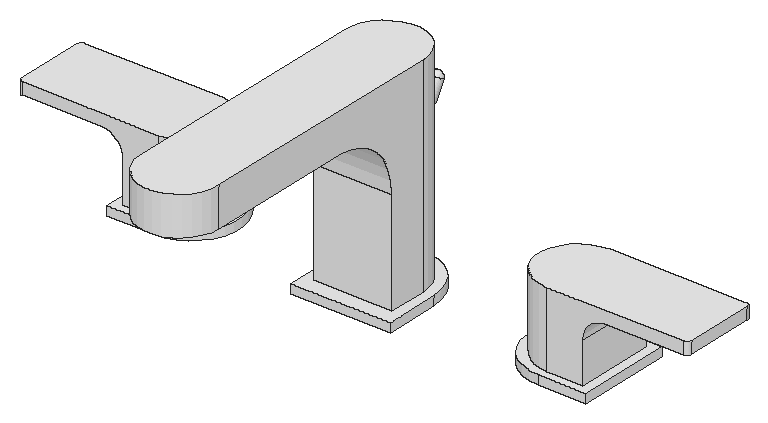
Revit family "xFaucet-Lavatory-DXV-Lyndon-D35109800_Series", category Plumbing Fixtures, Revit 2014
Parameters (values of type "D35109800.100")
  Width = 13 15/16"  # constant formula
  Waste Connection = yes
  Warranty Documentation Link = "https://www.dxv.com/-/media/files/dxv/warranty/dxv_warranty_booklet.ashx"
  WFU = 2  # constant formula
  Vent Connection = no
  URL = "http://www.dxv.com/"
  Revised Date = "02/06/2018"  # constant formula
  Product Page URL = "http://www.dxv.com/Product/lyndon-monoblock-bathroom-faucet"
  Product Documentation Link = "https://dxv01.blob.core.windows.net/dxv-product-pdf-files/spec_D351091_DXV_Lyndon_mono_vessel_EN.pdf"
  Price = "Prices may vary. Please consult Manufacturer Representative for most up-to-date price list."  # constant formula
  Model = "D35109800.100"
  Material = "Cast Brass-DXV-100-Polished Chrome"
  Manufacturer = "DXV"  # constant formula
  Length = 6 15/16"  # constant formula
  Installation Type = "Deck Mounted"  # constant formula
  Hot Water Connection Diameter = 3/8"  # constant formula
  Height = 4 1/2"  # constant formula
  HWFU = 1.5  # constant formula
  HW Connection = yes
  Flow Rate = "1.2 gpm (4.5 L/min)"  # constant formula
  Finish = Cast Brass-DXV-100-Polished Chrome
  Description = "Lyndon Widespread Lavatory Faucet"  # constant formula
  Default Elevation = 0"
  Creation Date = "25/02/2014"  # constant formula
  Cold Water Connection Diameter = 3/8"  # constant formula
  CWFU = 1.5  # constant formula
  CW Connection = yes
  Assembly Code = "D2020300"
Types (5): name | Model | Material | Finish
  (no name) | "D35109800.100" | "Cast Brass-DXV-100-Polished Chrome" | Cast Brass-DXV-100-Polished Chrome
  D35109800.100 | "D35109800.100" | "Cast Brass-DXV-100-Polished Chrome" | Cast Brass-DXV-100-Polished Chrome
  D35109800.144 | "D35109800.144" | "Cast Brass-DXV-144-Brushed Nickel" | Cast Brass-DXV-144-Brushed Nickel
  D35109800.150 | "D35109800.150" | "Cast Brass-DXV-150-Platinum Nickel" | Cast Brass-DXV-150-Platinum Nickel
  D35109800.243 | "D35109800.243" | "Cast Brass-DXV-243-Matte Black" | Cast Brass-DXV-243-Matte Black
Reference planes (in)
  plane 1 "Center (Front/Back)": y = 0
  plane 2: z = 0
  plane 3 "Center (Left/Right)": x = 0
  plane 4: y = 0.81105
  plane 5: y = -0.81395
  plane 6: z = 3.6875
  plane 7: z = 4.5
  plane 8: x = 0.81105
  plane 9: x = -0.81395
  plane 10: z = 4.5
  plane 11: z = 3.5625
  plane 12: y = -6.12645
  plane 13: y = -5.375
  plane 14: x = 4
  plane 15: x = -4
  plane 16: x = -3.21875
  plane 17: x = -4.78125
  plane 18: x = -4.98437
  plane 19: x = -3.01562
  plane 20: x = 6.96875
  plane 21: x = -6.96875
  plane 22: z = 1.75
  plane 23: y = 0.98437
  plane 24: y = -0.98438
Forms (in)
  Extrusion 1, solid, material "Cast Brass-DXV-100-Polished Chrome" <- "Finish"
    sketch origin (0, 1.02284, 0) x (1, 0, 0) y (0, 1, 0)
      loop
        arc (-0.81395, -6.33753) -> (-0.00145, -7.15003) -> (0.81105, -6.33753) r 0.8125
        line (0.81105, -6.33753) -> (0.81105, -1.02429)
        arc (0.81105, -1.02429) -> (-0.00145, -0.21179) -> (-0.81395, -1.02429) r 0.8125
        line (-0.81395, -1.02429) -> (-0.81395, -6.33753)
    from 0.18685 to 4.5
  Extrusion 2, void
    sketch origin (0, 0.96818, 0) x (0, 1, 0) y (0, 0, 1)
      loop
        line (-7.21179, 3.6875) -> (-7.21179, 0.18685) -> (-1.78213, 0.18685) -> (-1.78213, 2.35211)
        arc (-1.78213, 2.35211) -> (-2.17325, 3.29637) -> (-3.11752, 3.6875) r 1.33539
        line (-3.11752, 3.6875) -> (-7.21179, 3.6875)
    from -0.8758 to 0.87352
  Extrusion 3, solid, material "Cast Brass-DXV-100-Polished Chrome" <- "Finish"
    sketch origin (0, 1.02284, 0) x (1, 0, 0) y (0, 1, 0)
      loop
        line (-1.03125, -2.15625) -> (1.03125, -2.15625) -> (1.03125, -1.02284)
        arc (1.03125, -1.02284) -> (0, 0.00841) -> (-1.03125, -1.02284) r 1.03125
        line (-1.03125, -1.02284) -> (-1.03125, -2.15625)
    from 0 to 0.18685
  Revolve 4, solid, material "Cast Brass-DXV-100-Polished Chrome" <- "Finish"
    sketch origin (0, -0.48296, -3.69191) x (0, 1, 0) y (0, 0, 1)
      loop
        line (1.18637, 5.88851) -> (1.18637, 5.63851) -> (1.6721, 6.6344) -> (1.73662, 6.59885) -> (1.93207, 6.95361)
        arc (1.93207, 6.95361) -> (1.93705, 7.05184) -> (1.86282, 7.11637) r 0.11238
        line (1.86282, 7.11637) -> (1.18637, 5.88851)
      axis (1.86282, 7.11637) -> (1.08071, 5.69672)
    angle from 0 to 360
  Revolve 5, solid, material "Cast Brass-DXV-100-Polished Chrome" <- "Finish"
    sketch origin (0, -0.40038, -0.50683) x (0, 0.994522, -0.104528) y (0, 0.104528, 0.994522)
      loop
        line (-5.37645, 3.6875) -> (-5.70932, 3.6875) -> (-5.70932, 3.58653)
        arc (-5.70932, 3.58653) -> (-5.70228, 3.56954) -> (-5.68528, 3.5625) r 0.02403
        line (-5.68528, 3.5625) -> (-5.37645, 3.5625) -> (-5.37645, 3.6875)
      axis (-5.37645, 3.6875) -> (-5.37645, 3.5625)
    angle from 0 to 360
  Extrusion 6, solid, material "Cast Brass-DXV-100-Polished Chrome" <- "Finish"
    sketch origin (0, 0, 0) x (1, 0, 0) y (0, 1, 0)
      loop
        arc (-6.8737, 0.81105) -> (-6.94091, 0.78321) -> (-6.96875, 0.716) r 0.09505
        line (-6.96875, 0.716) -> (-6.96875, -0.7202)
        arc (-6.96875, -0.7202) -> (-6.94129, -0.78649) -> (-6.875, -0.81395) r 0.09375
        line (-6.875, -0.81395) -> (-4.02938, -0.81395)
        arc (-4.02938, -0.81395) -> (-3.21688, -0.00145) -> (-4.02938, 0.81105) r 0.8125
        line (-4.02938, 0.81105) -> (-6.8737, 0.81105)
      loop
        line (6.8737, 0.81105) -> (4.02938, 0.81105)
        arc (4.02938, 0.81105) -> (3.21688, -0.00145) -> (4.02938, -0.81395) r 0.8125
        line (4.02938, -0.81395) -> (6.875, -0.81395)
        arc (6.875, -0.81395) -> (6.94129, -0.78649) -> (6.96875, -0.7202) r 0.09375
        line (6.96875, -0.7202) -> (6.96875, 0.716)
        arc (6.96875, 0.716) -> (6.94091, 0.78321) -> (6.8737, 0.81105) r 0.09505
    from 0 to 1.75
  Extrusion 7, void
    sketch origin (0, 0, 0) x (1, 0, 0) y (0, 0, 1)
      loop
        line (-4.78125, 0) -> (-4.78125, 1.03818)
        arc (-4.78125, 1.03818) -> (-4.91651, 1.36474) -> (-5.24307, 1.5) r 0.46182
        line (-5.24307, 1.5) -> (-7.40327, 1.5) -> (-7.40327, 0) -> (-4.78125, 0)
      loop
        line (4.78125, 0) -> (7.40327, 0) -> (7.40327, 1.5) -> (5.24307, 1.5)
        arc (5.24307, 1.5) -> (4.91651, 1.36474) -> (4.78125, 1.03818) r 0.46182
        line (4.78125, 1.03818) -> (4.78125, 0)
    from -0.81105 to 0.81395
  Extrusion 8, solid, material "Cast Brass-DXV-100-Polished Chrome" <- "Finish"
    sketch origin (0, 0, 0) x (1, 0, 0) y (0, 1, 0)
      loop
        line (-4.98437, 0.98437) -> (-4.98437, -0.98438) -> (-4.00049, -0.98438)
        arc (-4.00049, -0.98438) -> (-3.01612, 0) -> (-4.00049, 0.98437) r 0.98438
        line (-4.00049, 0.98437) -> (-4.98437, 0.98437)
      loop
        line (4.98438, 0.98437) -> (4.00049, 0.98437)
        arc (4.00049, 0.98437) -> (3.01612, 0) -> (4.00049, -0.98438) r 0.98438
        line (4.00049, -0.98438) -> (4.98438, -0.98438) -> (4.98438, 0.98437)
      loop
        circle (-4.00049, 0) r 0.1875
      loop
        circle (4.00049, 0) r 0.1875
    from 0 to 0.18685
Cuts and joins
  Extrusion 2 cuts Extrusion 1
  Extrusion 2 cuts Extrusion 3
  Extrusion 7 cuts Extrusion 6
  joined: Extrusion 1, Extrusion 3, Revolve 4, Revolve 5, Extrusion 6, Extrusion 8
Lines and regions (in)
  Masking region 1
    outline origin (0, 0, 0) x (1, 0, 0) y (0, 1, 0)
      loop
        arc (1.03125, 0) -> (0.75497, 0.70249) -> (0.07416, 1.02858) r 1.03125
        spline (0.07416, 1.02858) -> (0.08392, 1.03448) -> (0.09306, 1.04109) -> (0.10153, 1.04835) -> (0.10927, 1.05622) -> (0.11621, 1.06464) -> (0.12231, 1.07355) -> (0.12752, 1.08287) -> (0.1318, 1.09255) -> (0.13513, 1.10252) -> (0.13748, 1.1127) -> (0.13883, 1.12301) -> (0.13918, 1.13339)
        line (0.13918, 1.13339) -> (0.13918, 1.34624)
        arc (0.13918, 1.34624) -> (0.00334, 1.45891) -> (-0.13919, 1.35483) r 0.14363
        line (-0.13919, 1.35483) -> (-0.13919, 1.13175)
        spline (-0.13919, 1.13175) -> (-0.1387, 1.12151) -> (-0.13723, 1.11134) -> (-0.13479, 1.10132) -> (-0.13139, 1.09152) -> (-0.12707, 1.08199) -> (-0.12185, 1.07282) -> (-0.11578, 1.06407) -> (-0.10888, 1.05579) -> (-0.10121, 1.04805) -> (-0.09283, 1.04091) -> (-0.08379, 1.0344) -> (-0.07416, 1.02858)
        arc (-0.07416, 1.02858) -> (-0.75497, 0.70249) -> (-1.03125, 0) r 1.03125
        line (-1.03125, 0) -> (-1.03125, -1.13341) -> (-0.81395, -1.13341) -> (-0.81395, -5.31468)
        arc (-0.81395, -5.31468) -> (-0.00145, -6.12718) -> (0.81105, -5.31468) r 0.8125
        line (0.81105, -5.31468) -> (0.81105, -1.13341) -> (1.03125, -1.13341) -> (1.03125, 0)
      loop
        line (-4.00049, 0.98437) -> (-4.98437, 0.98437) -> (-4.98437, 0.81105) -> (-6.8737, 0.81105)
        arc (-6.8737, 0.81105) -> (-6.94091, 0.78321) -> (-6.96875, 0.716) r 0.09505
        line (-6.96875, 0.716) -> (-6.96875, -0.7202)
        arc (-6.96875, -0.7202) -> (-6.94129, -0.78649) -> (-6.875, -0.81395) r 0.09375
        line (-6.875, -0.81395) -> (-4.98437, -0.81395) -> (-4.98437, -0.98438) -> (-4.00049, -0.98438)
        arc (-4.00049, -0.98438) -> (-3.01612, 0) -> (-4.00049, 0.98437) r 0.98438
      loop
        arc (4.00049, 0.98437) -> (3.01612, 0) -> (4.00049, -0.98438) r 0.98438
        line (4.00049, -0.98438) -> (4.98438, -0.98438) -> (4.98438, -0.81395) -> (6.875, -0.81395)
        arc (6.875, -0.81395) -> (6.94129, -0.78649) -> (6.96875, -0.7202) r 0.09375
        line (6.96875, -0.7202) -> (6.96875, 0.716)
        arc (6.96875, 0.716) -> (6.94091, 0.78321) -> (6.8737, 0.81105) r 0.09505
        line (6.8737, 0.81105) -> (4.98438, 0.81105) -> (4.98438, 0.98437) -> (4.00049, 0.98437)
  symbolic lines, style "PlumbingFixtures", detail levels medium+fine
    curve 1: arc (0.81105, -0.00145, 0) -> (-0.00145, 0.81105, 0) -> (-0.81395, -0.00145, 0) r 0.8125
    curve 2: line (-0.81395, -0.00145, 0) -> (-0.81395, -1.13341, 0)
    curve 3: line (-0.68895, -2.81395, 0) -> (0.68605, -2.81395, 0)
    curve 4: arc (-0.81395, -2.68895, 0) -> (-0.77734, -2.77734, 0) -> (-0.68895, -2.81395, 0) r 0.125
    curve 5: arc (0.68605, -2.81395, 0) -> (0.77444, -2.77734, 0) -> (0.81105, -2.68895, 0) r 0.125
    curve 8: line (0.81105, -1.13341, 0) -> (0.81105, -0.00145, 0)
  symbolic lines, style "PlumbingFixtures", detail levels fine
    curve 6: line (0.07593, 1.02957, 0) -> (0.09956, 0.80475, 0)
    curve 7: line (-0.07593, 1.02957, 0) -> (-0.09952, 0.80511, 0)
  symbolic lines, detail levels medium+fine
    curve 9: spline (0.07593, 1.02957, 0) -> (0.06438, 1.02366, 0) -> (0.05223, 1.01874, 0) -> (0.0396, 1.01487, 0) -> (0.02661, 1.01208, 0) -> (0.01336, 1.0104, 0) -> (0, 1.00983, 0) -> (-0.01336, 1.0104, 0) -> (-0.02661, 1.01208, 0) -> (-0.0396, 1.01487, 0) -> (-0.05223, 1.01874, 0) -> (-0.06438, 1.02366, 0) -> (-0.07593, 1.02957, 0)
    curve 11: line (4.98438, 0.81105, 0) -> (4.02938, 0.81105, 0)
    curve 12: line (4.98438, -0.81395, 0) -> (4.02938, -0.81395, 0)
    curve 13: arc (4.02938, -0.81395, 0) -> (3.21688, -0.00145, 0) -> (4.02938, 0.81105, 0) r 0.8125
    curve 14: line (-4.98437, 0.81105, 0) -> (-4.02938, 0.81105, 0)
    curve 15: line (-4.98437, -0.81395, 0) -> (-4.02938, -0.81395, 0)
    curve 16: arc (-4.02938, -0.81395, 0) -> (-3.21688, -0.00145, 0) -> (-4.02938, 0.81105, 0) r 0.8125
  symbolic lines, detail levels fine
    curve 10: arc (0.81105, -0.08737, 0) -> (-0.00145, 0.72513, 0) -> (-0.81395, -0.08737, 0) r 0.8125
Dimensions and locks (in)
  plane 6 to plane 2 = 3 11/16"
  "Height": plane 7 to plane 2
  plane 9 to plane 8 = 1 5/8"
  plane 11 to level = 3 9/16"
  "Length": plane 4 to plane 12
  plane 1 "Center (Front/Back)" to plane 13 = 5 3/8"
  equal spacing: plane 15, plane 3 "Center (Left/Right)", plane 14
  plane 15 to plane 14 = 8"
  equal spacing: plane 21, plane 3 "Center (Left/Right)", plane 20
  "Width": plane 21 to plane 20
  locked: plane 22 to level at 1.75
  radius of Extrusion 8 sketch curve = 3/16"
  aligned and locked: plane 10 to Extrusion 1
  aligned and locked: plane 22 to Extrusion 6
  aligned and locked: plane 4 to Extrusion 7
  aligned and locked: plane 5 to Extrusion 7
Automatic sketch dimensions
  Extrusion 1 sketch curve to plane 9 = 0"
  Extrusion 1 sketch curve to plane 8 = 0"
  plane 1 "Center (Front/Back)" to Extrusion 1 sketch curve = 0.00145"
  Revolve 5 sketch curve to plane 6 = 0.03066"
  plane 13 to Revolve 5 sketch curve = 0.32852"
  Revolve 5 sketch curve to Revolve 5 sketch curve = 0.02403"
  Revolve 5 sketch curve to Revolve 5 sketch curve = 0.30883"
  Revolve 5 sketch curve to Revolve 5 sketch curve = 0.10097"
  Revolve 5 sketch curve to Revolve 5 sketch curve = 0"  (x2)
  Revolve 5 sketch curve to Revolve 5 sketch curve = 1/8"
  Extrusion 1 sketch curve to plane 13 = 0.06032"
  Extrusion 8 sketch curve to Extrusion 8 sketch curve = 0"  (x4)
  Extrusion 8 sketch curve to plane 18 = 0"
  Extrusion 8 sketch curve to plane 23 = 0"  (x2)
  plane 1 "Center (Front/Back)" to Extrusion 8 sketch curve = 0"
  plane 24 to Extrusion 8 sketch curve = 0"
  plane 15 to Extrusion 8 sketch curve = 0.00049"
  plane 14 to Extrusion 8 sketch curve = 0.00049"
  Extrusion 8 sketch curve to Extrusion 8 sketch curve = 0.98388"
  curve 14 to plane 4 = 0"
  curve 14 to plane 18 = 0"
  plane 5 to curve 15 = 0"
  curve 15 to plane 18 = 0"
  curve 4 to plane 9 = 0"
  curve 2 to plane 9 = 0"
  curve 9 to plane 3 "Center (Left/Right)" = 0"
  curve 8 to plane 8 = 0"
  curve 5 to plane 8 = 0"
  plane 5 to curve 13 = 0"
  curve 11 to plane 4 = 0"
  plane 15 to curve 14 = 0.02938"
  curve 3 to plane 9 = 1/8"
  plane 23 to curve 7 = 0.04519"
  curve 7 to plane 3 "Center (Left/Right)" = 0.07593"
  plane 23 to curve 6 = 0.04519"
  curve 5 to curve 5 = 1/8"
  plane 14 to curve 13 = 0.02938"
  plane 24 to curve 4 = 1.70458"
  plane 1 "Center (Front/Back)" to curve 10 = 0.08737"
  plane 1 "Center (Front/Back)" to curve 8 = 0.00145"
  curve 9 to curve 7 = 0.06326"
  curve 7 to plane 4 = 0.00594"
  curve 6 to plane 4 = 0.0063"
  curve 12 to curve 12 = 0.955"
  curve 11 to curve 11 = 0.955"
  plane 24 to curve 2 = 0.14903"
  plane 24 to curve 8 = 0.14903"
  curve 7 to curve 9 = 0.10218"
  Extrusion 2 sketch curve to plane 6 = 0"
  Extrusion 2 sketch curve to plane 5 = 0"
  plane 22 to Extrusion 2 sketch curve = 0.60211"
  plane 12 to Extrusion 2 sketch curve = 0.11717"
  level to Extrusion 2 sketch curve = 0.18685"
  plane 1 "Center (Front/Back)" to Extrusion 3 sketch curve = 0"
  Extrusion 3 sketch curve to plane 3 "Center (Left/Right)" = 0"
  plane 9 to Extrusion 3 sketch curve = 0.2173"
  plane 24 to Extrusion 3 sketch curve = 0.14903"
  Revolve 4 sketch curve to plane 4 = 0.10764"
  plane 23 to Revolve 4 sketch curve = 0.20476"
  Revolve 4 sketch curve to Revolve 4 sketch curve = 0.06453"
  plane 23 to Revolve 4 sketch curve = 0.3663"
  Revolve 4 sketch curve to plane 11 = 0.13804"  (x2)
  Revolve 4 sketch curve to Revolve 4 sketch curve = 0.02918"
  Revolve 4 sketch curve to plane 11 = 77/256"
  Revolve 4 sketch curve to Revolve 4 sketch curve = 0.09843"
  Revolve 4 sketch curve to Revolve 4 sketch curve = 0.37344"
  plane 22 to Revolve 4 sketch curve = 0.4466"
  plane 22 to Revolve 4 sketch curve = 0.1966"
  Revolve 4 sketch curve to Revolve 4 sketch curve = 0"
  plane 6 to Revolve 4 sketch curve = 0.03241"
  Revolve 4 sketch curve to Revolve 4 sketch curve = 0.16277"
  Masking region 1 sketch curve to Masking region 1 sketch curve = 0"  (x3)
  Masking region 1 sketch curve to plane 21 = 0"
  plane 5 to Masking region 1 sketch curve = 0"  (x2)
  Masking region 1 sketch curve to plane 4 = 0"  (x2)
  Masking region 1 sketch curve to plane 18 = 0"  (x2)
  plane 1 "Center (Front/Back)" to Masking region 1 sketch curve = 0"  (x3)
  Masking region 1 sketch curve to plane 23 = 0"
  Masking region 1 sketch curve to plane 9 = 0"
  Masking region 1 sketch curve to plane 3 "Center (Left/Right)" = 0"  (x3)
  Masking region 1 sketch curve to plane 8 = 0"
  plane 24 to Masking region 1 sketch curve = 0"
  Masking region 1 sketch curve to plane 20 = 0"
  Masking region 1 sketch curve to Masking region 1 sketch curve = 3/32"  (x2)
  Masking region 1 sketch curve to plane 21 = 0.09505"
  plane 15 to Masking region 1 sketch curve = 0.00049"
  Masking region 1 sketch curve to Masking region 1 sketch curve = 0.2173"
  Masking region 1 sketch curve to plane 3 "Center (Left/Right)" = 0.13919"
  Masking region 1 sketch curve to plane 3 "Center (Left/Right)" = 0.00109"
  plane 3 "Center (Left/Right)" to Masking region 1 sketch curve = 0.13918"
  plane 8 to Masking region 1 sketch curve = 0.2202"
  plane 14 to Masking region 1 sketch curve = 0.00049"
  Masking region 1 sketch curve to Masking region 1 sketch curve = 0.98388"  (x2)
  Masking region 1 sketch curve to plane 20 = 0.09505"
  plane 24 to Masking region 1 sketch curve = 0.14903"  (x2)
  Masking region 1 sketch curve to plane 13 = 0.06032"
  plane 23 to Masking region 1 sketch curve = 0.14737"
  Masking region 1 sketch curve to Masking region 1 sketch curve = 0.00165"
  Masking region 1 sketch curve to Masking region 1 sketch curve = 47/256"
  Masking region 1 sketch curve to Masking region 1 sketch curve = 0.0309"
  plane 23 to Masking region 1 sketch curve = 0.0442"  (x2)
  Extrusion 6 sketch curve to plane 21 = 0"
  plane 5 to Extrusion 6 sketch curve = 0"  (x2)
  Extrusion 6 sketch curve to plane 4 = 0"  (x2)
  Extrusion 6 sketch curve to plane 20 = 0"
  Extrusion 6 sketch curve to Extrusion 6 sketch curve = 3/32"  (x2)
  Extrusion 6 sketch curve to plane 21 = 0.09505"
  plane 15 to Extrusion 6 sketch curve = 0.02938"
  plane 14 to Extrusion 6 sketch curve = 0.02938"
  Extrusion 6 sketch curve to plane 20 = 0.09505"
  Extrusion 7 sketch curve to level = 0"  (x2)
  plane 17 to Extrusion 7 sketch curve = 0"
  plane 18 to Extrusion 7 sketch curve = 0.25869"
  plane 21 to Extrusion 7 sketch curve = 0.43452"
  plane 14 to Extrusion 7 sketch curve = 25/32"
  Extrusion 7 sketch curve to plane 22 = 1/4"
  Extrusion 7 sketch curve to Extrusion 7 sketch curve = 0.46182"
  plane 20 to Extrusion 7 sketch curve = 0.43452"
  Extrusion 7 sketch curve to plane 22 = 0.71182"
  radius of Extrusion 8 sketch curve = 3/16"
Connectors (in)
  piping at (-4.00049, 0, 0), diameter 0.375, driven by "Hot Water Connection Diameter", driven by "HWFU"
    settings: on cut or joined group of Extrusion 1, Extrusion 2, Extrusion 3, Revolve 4, Revolve 5, Extrusion 6, Extrusion 7, Extrusion 8, index 3, connector inside diameter 24", connector length 0", flow factor 0, pipe flow 0 GPM, pressure drop 0.00 psi, fitting loss kfactor 0, connector angle 0.00°, fixture units 1.5, engagement length 0", angle of deflection 0.00°, flow configuration 3, flow direction 1, fitting loss method 0, system type 19, joint type 0, gender type 0, connector reference index -1, connector utility 0, adjustable connector no, is connector primary yes, connector description "3/8\" NPT HW Inlet"
  piping at (4.00049, 0, 0), diameter 0.375, driven by "Cold Water Connection Diameter", driven by "CWFU"
    settings: on cut or joined group of Extrusion 1, Extrusion 2, Extrusion 3, Revolve 4, Revolve 5, Extrusion 6, Extrusion 7, Extrusion 8, index 4, connector inside diameter 24", connector length 0", flow factor 0, pipe flow 0 GPM, pressure drop 0.00 psi, fitting loss kfactor 0, connector angle 0.00°, fixture units 1.5, engagement length 0", angle of deflection 0.00°, flow configuration 3, flow direction 1, fitting loss method 0, system type 20, joint type 0, gender type 0, connector reference index -1, connector utility 0, adjustable connector no, is connector primary no, connector description "3/8\" NPT CW Inlet"
